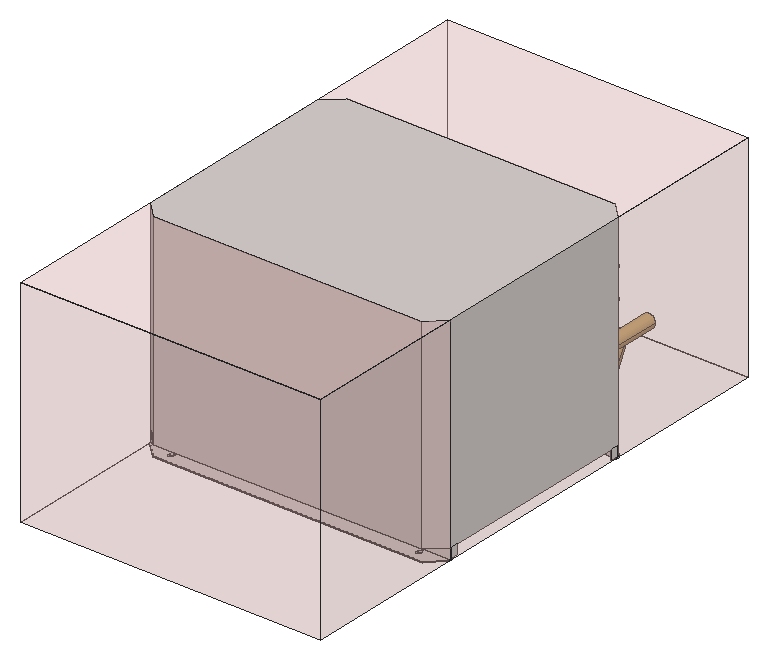
Revit family "CMH-WM250V-A", category Mechanical Equipment, Revit 2016
Family settings
  Part Type = Normal
  Round Connector Dimension = Use Radius
  OmniClass Number = 23.75.00.00
  OmniClass Title = Climate Control (HVAC)
  Work Plane-Based = No
  Always vertical = Yes
  Cut with Voids When Loaded = No
  Shared = No
  Room Calculation Point = No
Parameters (values of type "CMH-WM250V-A_220V_50Hz_To EM200")
  Water Pipe radius (Inlet) = 11.000 mm
  Water Pipe radius (To Indoor Unit) = 20.000 mm
  Water Pipe radius (From Indoor Unit) = 20.000 mm
  Water Pipe radius (EXP. Vessel) = 11.000 mm
  WarrantyStart = ""
  TagNumber = 0
  Sound Pressure Level (dB(A)) = 60
  SerialNumber = 0
  ReplacementYear = ""
  Model = "CMH-WM250V-A"
  Width = 920.000 mm
  Voltage = 220 V
  Unit Weight (kg) = 125
  URL = "http://www.mitsubishielectric.com/"
  Subcategory = "HVAC"
  Space View = yes
  Phase = 1
  Manufacturer = "Mitsubishi Electric Corporation"
  Liquid pipe_radius = 4.760 mm
  InstallationDate = ""
  Hertz = 50 Hz
  Height = 660.000 mm
  Heating Power Input (kW) = 0.74
  Heating Current (A) = 3.84
  Gas pipe_radius = 11.100 mm
  External Finish = "Pre-coated galvanized steel sheets"
  Equip_description = ""
  Equip_No. = 0
  Equip_ID = ""
  Description = "Hydro unit"
  Description = ""
  Depth = 740.000 mm
  CreatedOn = ""
  CreatedBy = ""
  Cooling Power Input (kW) = 0.74
  Cooling Current (A) = 3.84
  Connectable Outdoor/Heat source Unit = "PUHY-M200 to 250YNW-A1(-BS)/PUHY-EM200 to 250YNW-A1(-BS)"
  Category = ""
  Barcode = ""
  AssetIdentifier = ""
  Applicable temperature range of installation site = "-5 to 52"
Types (24, lengths in mm): name | Voltage | Hertz | Heating Current (A) | Cooling Current (A)
  CMH-WM250V-A_220V_50Hz_To M200 | 220 V | 50 Hz | 3.84 | 3.84
  CMH-WM250V-A_220V_60Hz_To M200 | 220 V | 60 Hz | 3.67 | 3.67
  CMH-WM250V-A_230V_50Hz_To M200 | 230 V | 50 Hz | 3.84 | 3.84
  CMH-WM250V-A_230V_60Hz_To M200 | 230 V | 60 Hz | 3.67 | 3.67
  CMH-WM250V-A_240V_50Hz_To M200 | 240 V | 50 Hz | 3.52 | 3.52
  CMH-WM250V-A_240V_60Hz_To M200 | 240 V | 60 Hz | 3.52 | 3.52
  CMH-WM250V-A_220V_50Hz_To M250 | 220 V | 50 Hz | 3.84 | 3.84
  CMH-WM250V-A_220V_60Hz_To M250 | 220 V | 60 Hz | 3.84 | 3.84
  CMH-WM250V-A_230V_50Hz_To M250 | 230 V | 50 Hz | 3.67 | 3.67
  CMH-WM250V-A_230V_60Hz_To M250 | 230 V | 60 Hz | 3.67 | 3.67
  CMH-WM250V-A_240V_50Hz_To M250 | 240 V | 50 Hz | 3.52 | 3.52
  CMH-WM250V-A_240V_60Hz_To M250 | 240 V | 60 Hz | 3.52 | 3.52
  CMH-WM250V-A_220V_50Hz_To EM200 | 220 V | 50 Hz | 3.84 | 3.84
  CMH-WM250V-A_220V_60Hz_To EM200 | 220 V | 60 Hz | 3.84 | 3.84
  CMH-WM250V-A_230V_50Hz_To EM200 | 230 V | 50 Hz | 3.67 | 3.67
  CMH-WM250V-A_230V_60Hz_To EM200 | 230 V | 60 Hz | 3.67 | 3.67
  CMH-WM250V-A_240V_50Hz_To EM200 | 240 V | 50 Hz | 3.52 | 3.52
  CMH-WM250V-A_240V_60Hz_To EM200 | 240 V | 60 Hz | 3.52 | 3.52
  CMH-WM250V-A_220V_50Hz_To EM250 | 220 V | 50 Hz | 3.84 | 3.84
  CMH-WM250V-A_220V_60Hz_To EM250 | 220 V | 60 Hz | 3.84 | 3.84
  CMH-WM250V-A_230V_50Hz_To EM250 | 230 V | 50 Hz | 3.67 | 3.67
  CMH-WM250V-A_230V_60Hz_To EM250 | 230 V | 60 Hz | 3.67 | 3.67
  CMH-WM250V-A_240V_50Hz_To EM250 | 240 V | 50 Hz | 3.52 | 3.52
  CMH-WM250V-A_240V_60Hz_To EM250 | 240 V | 60 Hz | 3.52 | 3.52
Reference planes
  plane 1 "Center (Front/Back)": y = 0
  plane 2: z = 0
  plane 3 "Center (Left/Right)": x = 0
  plane 4 "11": through (-415, 370, 1200) normal (0.7071, -0.7071, 0)
  plane 5 "22": through (-415, -370, 1200) normal (-0.7071, -0.7071, 0)
  plane 6 "44": through (460, 325, 1200) normal (-0.7071, -0.7071, 0)
  plane 7 "33": through (460, -325, 1200) normal (0.7071, -0.7071, 0)
  plane 8: y = 370
  plane 9: y = -370
  plane 10: x = -460
  plane 11: x = 460
  plane 12: z = 660
  plane 13: x = -325
  plane 14: x = -243
  plane 15: y = -210
  plane 16: z = 170
  plane 17: z = 223
  plane 18: y = 453
  plane 19: y = 462
  plane 20: x = 310
  plane 21: x = 160
  plane 22: z = 190
  plane 23: z = 310
  plane 24: z = 400
  plane 25: z = 518
  plane 26: y = 497
  plane 27: y = 626
  plane 28: y = 498
Forms (mm)
  Extrusion 1, solid, material "Paint_5Y 8/1"
    sketch origin (0, 0, 53) x (-1, 0, 0) y (0, -1, 0)
      loop
        line (410, -370) -> (460, -320) -> (460, 320) -> (410, 370) -> (-410, 370) -> (-460, 320) -> (-460, -320) -> (-410, -370) -> (410, -370)
    from -18 to 607
  Extrusion 2, solid
    sketch origin (0, 0, 0) x (1, 0, 0) y (0, 1, 0)
      loop
        circle (-325, -210) r 4.76
    from 223 to 273
  Extrusion 3, solid
    sketch origin (0, 0, 0) x (1, 0, 0) y (0, 1, 0)
      loop
        circle (-243, -210) r 11.1
    from 170 to 220
  Extrusion 4, solid, material "Brass"
    sketch origin (-410, 370, 53) x (1, 0, 0) y (0, 0, -1)
      loop
        circle (720, -137) r 20
    from 83 to 256
  Extrusion 5, solid, material "Copper"
    sketch origin (-410, 370, 53) x (1, 0, 0) y (0, 0, -1)
      loop
        circle (720, -257) r 11
      loop
        circle (720, -347) r 11
    from 0 to 127
  Extrusion 6, solid, material "Plated steel"
    sketch origin (-410, 370, 53) x (1, 0, 0) y (0, 0, -1)
      loop
        circle (570, -465) r 20
    from 0 to 83
  SweptBlend 7, solid, material "Brass"
    path origin (0, 0, 0) x (0, 1, 0) y (0, 0, 1)
      loop
        line (516.164, 190) -> (468.611, 124.549)
    profile origin (0, 516.164, 190) x (0, 0.809017, -0.587785) y (1, 0, 0)
      loop
        circle (0.065, 310) r 17.5
    end profile origin (0, 468.611, 124.549) x (0, 0.809017, -0.587785) y (1, 0, 0)
      loop
        circle (11.829, 310) r 17.5
  Extrusion 8, solid, material "Plated steel"
    sketch origin (-410, 370, 53) x (1, 0, 0) y (0, 0, -1)
      loop
        circle (720, -137) r 20
    from 0 to 83
  Extrusion 9, solid, material "Service space", visible <- "Space View"
    sketch origin (0, 0, 0) x (1, 0, 0) y (0, 1, 0)
      loop
        line (-460, 820) -> (-460, -820) -> (460, -820) -> (460, 820) -> (-460, 820)
    from 0 to 660
Lines and regions (mm)
  model lines, not visible
    curve 1: line (487.5, -370, 703) -> (492.5, -370, 703)
    curve 2: line (477.5, -370, 363) -> (477.5, -370, 693)
    curve 3: line (492.5, -370, 353) -> (487.5, -370, 353)
    curve 4: line (502.5, -370, 693) -> (502.5, -370, 363)
    curve 5: arc (487.5, -370, 703) -> (480.429, -370, 700.071) -> (477.5, -370, 693) r 10
    curve 6: arc (492.5, -370, 703) -> (499.571, -370, 700.071) -> (502.5, -370, 693) r 10
    curve 7: arc (502.5, -370, 363) -> (499.571, -370, 355.929) -> (492.5, -370, 353) r 10
    curve 8: arc (477.5, -370, 363) -> (480.429, -370, 355.929) -> (487.5, -370, 353) r 10
  model lines
    curve 9: line (460, -237.5, 660) -> (460, -237.5, 35)
    curve 10: line (460, 236.5, 660) -> (460, 236.5, 35)
    curve 11: line (-200, 190, 660) -> (200, 190, 660)
    curve 12: line (-200, 170, 660) -> (200, 170, 660)
    curve 13: arc (-200, 190, 660) -> (-207.071, 187.071, 660) -> (-210, 180, 660) r 10
    curve 14: arc (-210, 180, 660) -> (-207.071, 172.929, 660) -> (-200, 170, 660) r 10
    curve 15: arc (200, 190, 660) -> (207.071, 187.071, 660) -> (210, 180, 660) r 10
    curve 16: arc (200, 170, 660) -> (207.071, 172.929, 660) -> (210, 180, 660) r 10
    curve 17: line (-200, 100, 660) -> (200, 100, 660)
    curve 18: line (-200, 80, 660) -> (200, 80, 660)
    curve 19: arc (-200, 100, 660) -> (-207.071, 97.071, 660) -> (-210, 90, 660) r 10
    curve 20: arc (-210, 90, 660) -> (-207.071, 82.929, 660) -> (-200, 80, 660) r 10
    curve 21: arc (200, 100, 660) -> (207.071, 97.071, 660) -> (210, 90, 660) r 10
    curve 22: arc (200, 80, 660) -> (207.071, 82.929, 660) -> (210, 90, 660) r 10
    curve 23: line (-200, 10, 660) -> (200, 10, 660)
    curve 24: line (-200, -10, 660) -> (200, -10, 660)
    curve 25: arc (-200, 10, 660) -> (-207.071, 7.071, 660) -> (-210, 0, 660) r 10
    curve 26: arc (-210, 0, 660) -> (-207.071, -7.071, 660) -> (-200, -10, 660) r 10
    curve 27: arc (200, 10, 660) -> (207.071, 7.071, 660) -> (210, 0, 660) r 10
    curve 28: arc (200, -10, 660) -> (207.071, -7.071, 660) -> (210, 0, 660) r 10
    curve 29: line (-200, -80, 660) -> (200, -80, 660)
    curve 30: line (-200, -100, 660) -> (200, -100, 660)
    curve 31: arc (-200, -80, 660) -> (-207.071, -82.929, 660) -> (-210, -90, 660) r 10
    curve 32: arc (-210, -90, 660) -> (-207.071, -97.071, 660) -> (-200, -100, 660) r 10
    curve 33: arc (200, -80, 660) -> (207.071, -82.929, 660) -> (210, -90, 660) r 10
    curve 34: arc (200, -100, 660) -> (207.071, -97.071, 660) -> (210, -90, 660) r 10
    curve 35: line (-200, -170, 660) -> (200, -170, 660)
    curve 36: line (-200, -190, 660) -> (200, -190, 660)
    curve 37: arc (-200, -170, 660) -> (-207.071, -172.929, 660) -> (-210, -180, 660) r 10
    curve 38: arc (-210, -180, 660) -> (-207.071, -187.071, 660) -> (-200, -190, 660) r 10
    curve 39: arc (200, -170, 660) -> (207.071, -172.929, 660) -> (210, -180, 660) r 10
    curve 40: arc (200, -190, 660) -> (207.071, -187.071, 660) -> (210, -180, 660) r 10
    curve 41: line (-355, -176, 35) -> (-205, -176, 35)
    curve 42: line (-355, -270, 35) -> (-355, -176, 35)
    curve 43: line (-205, -270, 35) -> (-355, -270, 35)
    curve 44: line (-205, -176, 35) -> (-205, -270, 35)
    curve 45: circle (-170, -250, 35) r 17.5 normal (0, 0, 1)
    curve 46: circle (-115, -250, 35) r 14 normal (0, 0, 1)
    curve 47: circle (-115, -195, 35) r 14 normal (0, 0, 1)
    curve 48: circle (-305, -370, 215) r 14 normal (0, -1, 0)
    curve 49: circle (-230, -370, 215) r 17.5 normal (0, -1, 0)
    curve 50: circle (-268, -370, 265) r 14 normal (0, -1, 0)
    curve 51: line (-358, -370, 96) -> (-210, -370, 96)
    curve 52: line (-358, -370, 180) -> (-358, -370, 96)
    curve 53: line (-210, -370, 180) -> (-358, -370, 180)
    curve 54: line (-210, -370, 96) -> (-210, -370, 180)
    curve 55: line (-410, -370, 330) -> (-190, -370, 330)
    curve 56: line (-190, -370, 330) -> (-190, -370, 35)
Dimensions and locks
  Extrusion 1 to Extrusion 1 = 920.000 mm
  nested 1 to nested 1 to nested 1 = 20.000 mm, 54.000 mm
  "Gas pipe_radius": radius of Extrusion 3 sketch curve
  "Liquid pipe_radius": radius of Extrusion 2 sketch curve
  "Water Pipe radius (To Indoor Unit)": radius of Extrusion 6 sketch curve
  "Water Pipe radius (From Indoor Unit)": radius of Extrusion 8 sketch curve
  "Water Pipe radius (EXP. Vessel)": radius of Extrusion 5 sketch curve
  "Water Pipe radius (Inlet)": radius of Extrusion 5 sketch curve
  aligned and locked: level to plane 2
Automatic sketch dimensions
  Extrusion 1 sketch curve to plane 11 = 0.000 mm
  Extrusion 1 sketch curve to plane 9 = 0.000 mm
  Extrusion 1 sketch curve to plane 8 = 0.000 mm
  Extrusion 1 sketch curve to plane 10 = 0.000 mm
  Extrusion 1 sketch curve to plane 11 = 50.000 mm  (x2)
  plane 10 to Extrusion 1 sketch curve = 50.000 mm  (x2)
  Extrusion 1 sketch curve to plane 8 = 50.000 mm  (x2)
  plane 9 to Extrusion 1 sketch curve = 50.000 mm  (x2)
  curve 56 to Extrusion 1 = 0.000 mm
  curve 55 to Extrusion 1 = 0.000 mm
  Extrusion 1 to curve 52 = 52.000 mm
  curve 48 to curve 52 = 53.000 mm
  curve 50 to curve 48 = 37.000 mm
  curve 49 to curve 50 = 38.000 mm
  curve 53 to curve 49 = 20.000 mm
  curve 55 to curve 50 = 78.000 mm
  Extrusion 1 to curve 54 = 61.000 mm
  curve 54 to curve 51 = 84.000 mm
  curve 48 to curve 52 = 35.000 mm
  curve 49 to curve 53 = 35.000 mm
  curve 50 to curve 48 = 50.000 mm
  curve 56 to curve 50 = 65.000 mm
  Extrusion 1 to curve 47 = 345.000 mm
  curve 46 to curve 47 = 0.000 mm
  curve 46 to curve 45 = 55.000 mm
  curve 45 to curve 43 = 35.000 mm
  Extrusion 1 to curve 42 = 105.000 mm
  Extrusion 1 to curve 41 = 194.000 mm
  curve 41 to curve 47 = 19.000 mm
  curve 47 to curve 45 = 55.000 mm
  curve 45 to curve 46 = 0.000 mm
  curve 45 to curve 44 = 20.000 mm
  Extrusion 1 to curve 10 = 0.000 mm
  curve 10 to Extrusion 1 = 0.000 mm
  curve 9 to Extrusion 1 = 0.000 mm
  Extrusion 1 to curve 9 = 0.000 mm
  curve 10 to Extrusion 1 = 83.500 mm
  Extrusion 1 to curve 9 = 82.500 mm
  curve 13 to curve 14 = 0.000 mm  (x2)
  curve 15 to curve 16 = 0.000 mm  (x2)
  curve 19 to curve 20 = 0.000 mm  (x2)
  curve 21 to curve 22 = 0.000 mm  (x2)
  curve 25 to curve 26 = 0.000 mm  (x2)
  curve 27 to curve 28 = 0.000 mm  (x2)
  curve 31 to curve 32 = 0.000 mm  (x2)
  curve 33 to curve 34 = 0.000 mm  (x2)
  curve 37 to curve 38 = 0.000 mm  (x2)
  curve 39 to curve 40 = 0.000 mm  (x2)
  curve 15 to Extrusion 1 = 260.000 mm
  curve 40 to Extrusion 1 = 260.000 mm
  curve 34 to curve 35 = 0.000 mm
  curve 17 to curve 12 = 0.000 mm
  curve 28 to curve 18 = 0.000 mm
  curve 11 to Extrusion 1 = 260.000 mm
  curve 26 to curve 12 = 0.000 mm
  curve 20 to curve 12 = 0.000 mm
  curve 29 to curve 24 = 0.000 mm
  curve 38 to curve 30 = 0.000 mm
  curve 11 to Extrusion 1 = 180.000 mm
  curve 11 to curve 16 = 10.000 mm
  curve 12 to curve 17 = 70.000 mm
  curve 17 to curve 22 = 10.000 mm
  curve 18 to curve 23 = 70.000 mm
  curve 23 to curve 26 = 10.000 mm
  curve 24 to curve 29 = 70.000 mm
  curve 29 to curve 34 = 10.000 mm
  curve 30 to curve 35 = 70.000 mm
  curve 35 to curve 40 = 10.000 mm
  Extrusion 4 sketch curve to Extrusion 1 = 100.000 mm
  Extrusion 1 to Extrusion 4 sketch curve = 155.000 mm
  SweptBlend 7 sketch curve to plane 22 = 0.000 mm
  SweptBlend 7 sketch curve to plane 19 = 6.611 mm
  SweptBlend 7 sketch curve to plane 28 = 18.164 mm
  SweptBlend 7 sketch curve to plane 16 = 45.451 mm
  SweptBlend 7 sketch curve to profile plane = 0.065 mm
  plane 3 "Center (Left/Right)" to SweptBlend 7 sketch curve = 310.000 mm  (x2)
  SweptBlend 7 sketch curve to profile plane = 11.829 mm
  Extrusion 9 sketch curve to plane 10 = 0.000 mm
  Extrusion 9 sketch curve to plane 11 = 0.000 mm
  Extrusion 9 sketch curve to plane 9 = 450.000 mm
  Extrusion 9 sketch curve to plane 27 = 194.000 mm
  Extrusion 2 sketch curve to plane 13 = 0.000 mm
  Extrusion 2 sketch curve to plane 15 = 0.000 mm
  Extrusion 3 sketch curve to plane 14 = 0.000 mm
  Extrusion 3 sketch curve to plane 15 = 0.000 mm
  Extrusion 5 sketch curve to Extrusion 1 = 100.000 mm
  Extrusion 5 sketch curve to Extrusion 5 sketch curve = 0.000 mm
  Extrusion 1 to Extrusion 5 sketch curve = 260.000 mm
  Extrusion 5 sketch curve to Extrusion 5 sketch curve = 90.000 mm
  Extrusion 6 sketch curve to Extrusion 1 = 250.000 mm
  Extrusion 1 to Extrusion 6 sketch curve = 142.000 mm
  Extrusion 8 sketch curve to Extrusion 1 = 100.000 mm
  Extrusion 1 to Extrusion 8 sketch curve = 155.000 mm
  radius of curve 48 = 14.000 mm
  radius of curve 49 = 17.500 mm
  radius of curve 50 = 14.000 mm
  radius of curve 45 = 17.500 mm
  radius of curve 46 = 14.000 mm
  radius of curve 47 = 14.000 mm
  radius of Extrusion 4 sketch curve = 20.000 mm
  radius of SweptBlend 7 sketch curve = 17.500 mm  (x2)
Nested families
  nested 1: "BASE LEG" at (0, -352, 0), Width <- "Width", type "BASE LEG"
    with Width 920.000 mm
  nested 2: "BASE LEG" at (0, 352, 0) x (-1, 0, 0) z (0, 0, 1), Width <- "Width", type "BASE LEG"
    with Width 920.000 mm
Connectors
  piping at (-325, -210, 223), diameter 9.52, driven by "Liquid pipe_radius"
    settings: on Extrusion 2, index 5, connector inside diameter 609.6 mm, connector length 0.000 mm, flow factor 0, pipe flow 0.0 L/s, pressure drop 0.0 Pa, fitting loss kfactor 0, connector angle 0.00°, fixture units 0, engagement length 0.000 mm, angle of deflection 0.00°, flow configuration 0, flow direction 0, fitting loss method 0, system type 22, joint type 0, gender type 0, connector reference index -1, connector utility 0, adjustable connector no, is connector primary yes, connector description "Refrigerant service valve (Liquid)"
  piping at (-243, -210, 170), diameter 22.2, driven by "Gas pipe_radius"
    settings: on Extrusion 3, index 6, connector inside diameter 609.6 mm, connector length 0.000 mm, flow factor 0, pipe flow 0.0 L/s, pressure drop 0.0 Pa, fitting loss kfactor 0, connector angle 0.00°, fixture units 0, engagement length 0.000 mm, angle of deflection 0.00°, flow configuration 0, flow direction 0, fitting loss method 0, system type 22, joint type 0, gender type 0, connector reference index -1, connector utility 0, adjustable connector no, is connector primary no, connector description "Refrigerant service valve (gas)"
  electrical at (0, -370, 347.5), driven by "Phase", driven by "Voltage"
    settings: on Extrusion 1, index 7, voltage 220 V, apparent load 0 VA, apparent load phase1 0 VA, apparent load phase2 0 VA, apparent load phase3 0 VA, power factor 1, load classification "その他", number of poles 1, system type 30, power factor state 1, is connector primary yes, connector utility no, sub classification motor no, connector description ""
  piping at (160, 453, 518), diameter 40, driven by "Water Pipe radius (To Indoor Unit)"
    settings: on Extrusion 6, index 8, connector inside diameter 609.6 mm, connector length 0.000 mm, flow factor 0, pipe flow 0.0 L/s, pressure drop 0.0 Pa, fitting loss kfactor 0, connector angle 0.00°, fixture units 0, engagement length 0.000 mm, angle of deflection 0.00°, flow configuration 0, flow direction 2, fitting loss method 0, system type 22, joint type 0, gender type 0, connector reference index -1, connector utility 0, adjustable connector no, is connector primary no, connector description "Water Pipe radius (To Indoor Unit)"
  piping at (310, 497, 400), diameter 22, driven by "Water Pipe radius (EXP. Vessel)"
    settings: on Extrusion 5, index 9, connector inside diameter 609.6 mm, connector length 0.000 mm, flow factor 0, pipe flow 0.0 L/s, pressure drop 0.0 Pa, fitting loss kfactor 0, connector angle 0.00°, fixture units 0, engagement length 0.000 mm, angle of deflection 0.00°, flow configuration 0, flow direction 1, fitting loss method 0, system type 22, joint type 0, gender type 0, connector reference index -1, connector utility 0, adjustable connector no, is connector primary no, connector description "Water pipe (EXP. Vessel)"
  piping at (310, 497, 310), diameter 22, driven by "Water Pipe radius (Inlet)"
    settings: on Extrusion 5, index 10, connector inside diameter 609.6 mm, connector length 0.000 mm, flow factor 0, pipe flow 0.0 L/s, pressure drop 0.0 Pa, fitting loss kfactor 0, connector angle 0.00°, fixture units 0, engagement length 0.000 mm, angle of deflection 0.00°, flow configuration 0, flow direction 1, fitting loss method 0, system type 22, joint type 0, gender type 0, connector reference index -1, connector utility 0, adjustable connector no, is connector primary no, connector description "Water pipe (Inlet)"
  piping at (310, 626, 190), diameter 40, driven by "Water Pipe radius (From Indoor Unit)"
    settings: on Extrusion 4, index 11, connector inside diameter 609.6 mm, connector length 0.000 mm, flow factor 0, pipe flow 0.0 L/s, pressure drop 0.0 Pa, fitting loss kfactor 0, connector angle 0.00°, fixture units 0, engagement length 0.000 mm, angle of deflection 0.00°, flow configuration 0, flow direction 1, fitting loss method 0, system type 22, joint type 0, gender type 0, connector reference index -1, connector utility 0, adjustable connector no, is connector primary no, connector description "Water Pipe radius (From Indoor Unit)"
Definition of nested family "BASE LEG"
  Parameters (values of type "BASE LEG")
    Width [instance] = 920.000 mm
  Reference planes
    plane 1 "中心(正面/背面)": y = 0
    plane 2: z = 0
    plane 3 "中心(左/右)": x = 0
    plane 4: x = 460
    plane 5: x = -460
    plane 6: x = -380
    plane 7: x = 380
    plane 8: y = -18
    plane 9: y = 39
    plane 10: y = 42
    plane 11: y = 27
    plane 12: x = 415
    plane 13: x = -415
    plane 14: y = 11.5
    plane 15: z = 35
  Forms (mm)
    Extrusion 1, solid
      sketch origin (0, 0, 0) x (0, 1, 0) y (0, 0, 1)
        loop
          line (-18, 0) -> (36, 0) -> (36, 32) -> (56, 32) -> (56, 35) -> (33, 35) -> (33, 3) -> (-18, 3) -> (-18, 0)
      from -460 to 460
    Extrusion 2, void
      sketch origin (0, 0, 0) x (1, 0, 0) y (0, 1, 0)
        loop
          line (415, -18) -> (460, -18) -> (460, 27) -> (415, -18)
        loop
          line (-415, -18) -> (-460, 27) -> (-460, -18) -> (-415, -18)
      from 0 to 250
    Extrusion 3, void
      sketch origin (0, 12.023, 0) x (1, 0, 0) y (0, 1, 0)
        loop
          arc (373, -2.971) -> (380, -9.971) -> (387, -2.971) r 7
          line (387, -2.971) -> (387, 3.023)
          arc (387, 3.023) -> (380, 10.023) -> (373, 3.023) r 7
          line (373, 3.023) -> (373, -2.971)
        loop
          line (-373, -2.971) -> (-373, 3.023)
          arc (-373, 3.023) -> (-380, 10.023) -> (-387, 3.023) r 7
          line (-387, 3.023) -> (-387, -2.971)
          arc (-387, -2.971) -> (-380, -9.971) -> (-373, -2.971) r 7
      from 0 to 250
    Extrusion 4, solid
      sketch origin (0, 0, -3) x (1, 0, 0) y (0, 0, 1)
        loop
          line (457, 8) -> (460, 8) -> (460, 35) -> (457, 35) -> (457, 8)
        loop
          line (-457, 8) -> (-457, 35) -> (-460, 35) -> (-460, 8) -> (-457, 8)
      from -36 to -56
    Extrusion 5, solid
      sketch origin (150, 352, 0) x (1, 0, 0) y (0, 1, 0)
        loop
          line (310, -319) -> (305, -319) -> (305, -320) -> (255, -370) -> (260, -370) -> (310, -320) -> (310, -319)
      from 3 to 35
    Extrusion 6, void
      sketch origin (410, -18, 0) x (0.707107, 0.707107, 0) y (0, 0, 1)
        loop
          line (70.711, 3) -> (-6.741, 39.767) -> (-6.741, 3) -> (70.711, 3)
      from -190.256 to 23.776
    Extrusion 7, solid
      sketch origin (-150, 352, 0) x (-1, 0, 0) y (0, -1, 0)
        loop
          line (310, 319) -> (310, 320) -> (260, 370) -> (255, 370) -> (305, 320) -> (305, 319) -> (310, 319)
      from 3 to 35
    Extrusion 8, void
      sketch origin (-410, -18, 0) x (0.707107, -0.707107, 0) y (0, 0, -1)
        loop
          line (-70.711, -3) -> (0, -35) -> (6.741, -35) -> (6.741, -3) -> (-70.711, -3)
      from -190.256 to 23.776
    Extrusion 9, void
      sketch origin (0, 33, 3) x (0, 0, -1) y (-1, 0, 0)
        loop
          arc (-0.969, 375) -> (-2.434, 378.536) -> (-5.969, 380) r 5
          line (-5.969, 380) -> (-20.969, 380)
          arc (-20.969, 380) -> (-24.505, 378.536) -> (-25.969, 375) r 5
          line (-25.969, 375) -> (-25.969, 325)
          arc (-25.969, 325) -> (-24.505, 321.464) -> (-20.969, 320) r 5
          line (-20.969, 320) -> (-5.969, 320)
          arc (-5.969, 320) -> (-2.434, 321.464) -> (-0.969, 325) r 5
          line (-0.969, 325) -> (-0.969, 375)
        loop
          arc (-0.969, -325) -> (-2.434, -321.464) -> (-5.969, -320) r 5
          line (-5.969, -320) -> (-20.969, -320)
          arc (-20.969, -320) -> (-24.505, -321.464) -> (-25.969, -325) r 5
          line (-25.969, -325) -> (-25.969, -375)
          arc (-25.969, -375) -> (-24.505, -378.536) -> (-20.969, -380) r 5
          line (-20.969, -380) -> (-5.969, -380)
          arc (-5.969, -380) -> (-2.434, -378.536) -> (-0.969, -375) r 5
          line (-0.969, -375) -> (-0.969, -325)
      from 0 to 250
  Cuts and joins
    Extrusion 2, Extrusion 3, Extrusion 9 cuts Extrusion 1
    Extrusion 9 cuts Extrusion 4
    joined: Extrusion 1, Extrusion 4
    Extrusion 8 cuts Extrusion 7
    Extrusion 6 cuts Extrusion 5
  Dimensions and locks
    "Width": plane 5 to plane 4
    equal spacing: plane 5, plane 3 "中心(左/右)", plane 4
    locked: plane 5 to plane 6 at 80
    locked: plane 7 to plane 4 at 80
    locked: plane 8 to plane 9 at 57
    locked: plane 9 to plane 10 at 3
    plane 8 to plane 11 = 45.000 mm
    locked: plane 12 to plane 4 at 45
    locked: plane 5 to plane 13 at 45
    equal spacing: Extrusion 3 sketch curve, plane 7, Extrusion 3 sketch curve
    equal spacing: Extrusion 3 sketch curve, plane 6, Extrusion 3 sketch curve
    locked: cut or joined group of Extrusion 1, Extrusion 2, Extrusion 3, Extrusion 4, Extrusion 9 to Extrusion 4 sketch curve at 3  (x2)
    locked: plane 8 to plane 14 at 29.5
    plane 8 to plane 10 = 60.000 mm
    cut or joined group of Extrusion 1, Extrusion 2, Extrusion 3, Extrusion 4, Extrusion 9 to cut or joined group of Extrusion 1, Extrusion 2, Extrusion 3, Extrusion 4, Extrusion 9 = 35.000 mm
    aligned and locked: level to plane 2
    aligned and locked: plane 8 to Extrusion 1 sketch curve
    aligned and locked: plane 4 to Extrusion 1
    aligned and locked: Extrusion 1 to plane 5
    aligned and locked: Extrusion 2 sketch curve to plane 4
    aligned and locked: Extrusion 2 sketch curve to plane 8
    aligned and locked: plane 11 to Extrusion 2 sketch curve
    aligned and locked: plane 12 to Extrusion 2 sketch curve
    aligned and locked: plane 4 to Extrusion 4 sketch curve
    aligned and locked: plane 5 to Extrusion 4 sketch curve
    aligned and locked: cut or joined group of Extrusion 7, Extrusion 8 to cut or joined group of Extrusion 1, Extrusion 2, Extrusion 3, Extrusion 4, Extrusion 9
  Automatic sketch dimensions
    Extrusion 3 sketch curve to plane 1 "中心(正面/背面)" = 9.052 mm  (x2)
    Extrusion 3 sketch curve to plane 7 = 7.000 mm
    Extrusion 3 sketch curve to plane 1 "中心(正面/背面)" = 15.046 mm  (x2)
    Extrusion 3 sketch curve to plane 6 = 7.000 mm
    Extrusion 2 sketch curve to plane 5 = 0.000 mm
    plane 8 to Extrusion 2 sketch curve = 0.000 mm
    Extrusion 2 sketch curve to plane 13 = 0.000 mm
    plane 11 to Extrusion 2 sketch curve = 0.000 mm
    plane 7 to Extrusion 5 sketch curve = 25.000 mm
    Extrusion 5 sketch curve to Extrusion 5 sketch curve = 5.000 mm  (x2)
    plane 7 to Extrusion 5 sketch curve = 75.000 mm
    plane 8 to Extrusion 5 sketch curve = 0.000 mm
    Extrusion 5 sketch curve to Extrusion 5 sketch curve = 50.000 mm
    Extrusion 5 sketch curve to Extrusion 5 sketch curve = 0.000 mm
    Extrusion 5 sketch curve to Extrusion 5 sketch curve = 1.000 mm
    Extrusion 6 sketch curve to Extrusion 5 = 0.000 mm  (x2)
    Extrusion 6 sketch curve to Extrusion 5 = 6.741 mm
    Extrusion 6 sketch curve to Extrusion 5 = 4.767 mm
    plane 6 to Extrusion 7 sketch curve = 25.000 mm
    Extrusion 7 sketch curve to Extrusion 7 sketch curve = 5.000 mm  (x2)
    Extrusion 7 sketch curve to Extrusion 7 sketch curve = 45.000 mm
    Extrusion 7 sketch curve to plane 8 = 0.000 mm
    Extrusion 7 sketch curve to Extrusion 7 sketch curve = 50.000 mm
    Extrusion 7 sketch curve to Extrusion 7 sketch curve = 0.000 mm
    Extrusion 7 sketch curve to Extrusion 7 sketch curve = 1.000 mm
    Extrusion 8 sketch curve to Extrusion 7 = 0.000 mm  (x2)
    Extrusion 7 to Extrusion 8 sketch curve = 0.000 mm  (x2)
    Extrusion 7 to Extrusion 8 sketch curve = 6.741 mm
    Extrusion 4 sketch curve to plane 15 = 3.000 mm  (x2)
    Extrusion 1 sketch curve to plane 15 = 0.000 mm
    Extrusion 1 sketch curve to level = 0.000 mm
    level to Extrusion 1 sketch curve = 3.000 mm
    plane 9 to Extrusion 1 sketch curve = 6.000 mm
    plane 9 to Extrusion 1 sketch curve = 3.000 mm
    Extrusion 1 sketch curve to plane 15 = 3.000 mm
    Extrusion 1 sketch curve to plane 10 = 14.000 mm
    level to Extrusion 4 sketch curve = 5.000 mm  (x2)
    Extrusion 9 sketch curve to Extrusion 1 = 6.031 mm  (x2)
    Extrusion 9 sketch curve to Extrusion 9 sketch curve = 5.000 mm  (x4)
    Extrusion 1 to Extrusion 9 sketch curve = 5.969 mm  (x4)
    Extrusion 1 to Extrusion 9 sketch curve = 0.969 mm  (x2)
    Extrusion 9 sketch curve to Extrusion 1 = 80.000 mm
    Extrusion 9 sketch curve to Extrusion 9 sketch curve = 50.000 mm  (x2)
    Extrusion 9 sketch curve to Extrusion 1 = 140.000 mm
